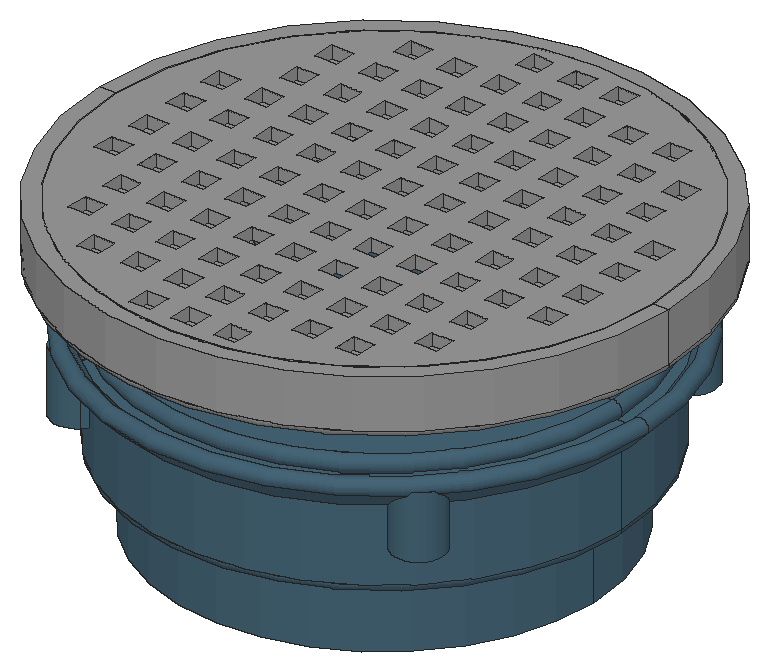
Revit family "Drain_Floor_Round-Zurn-Z415N", category Plumbing Fixtures, Revit 2022
Family settings
  Round Connector Dimension = Use Radius
  Part Type = Normal
  OmniClass Number = 23.70.50.21.24.14
  OmniClass Title = Deck Waste Water Drains
  Work Plane-Based = No
  Always vertical = Yes
  Cut with Voids When Loaded = No
  Maintain Annotation Orientation = No
  Shared = No
  Room Calculation Point = No
Parameters (values of type "Load Family Type Catalog")
  Waste Connection = 1 = 1  # yes
  WFU = 0  # constant formula
  Vent Connection = 1 = 0  # no
  URL = "www.zurn.com"
  Type Comments = "ZN415I with 9 Inch Strainer and 3 Inch IP Threaded Outlet"
  Strainer Top Size 9" = yes
  Strainer Top Size 7" = no
  Strainer Position (K') - Input [instance] = 1.000"
  Strainer Position (K') [instance] = if([Strainer Position (K') - Input] < Min. Strainer Position, Min. Strainer Position, if([Strainer Position (K') - Input] > Max. Strainer Position, Max. Strainer Position, [Strainer Position (K') - Input]))  # 1.688"
  Strainer Open Area = if([Strainer Diameter (B)] = 7.000", 12.000 in², if([Strainer Diameter (B)] = 9.000", 23.000 in², 23.000 in²))  # 23.000 in²
  Strainer Material = Bronze - Zurn - Polished Nickel
  Strainer Diameter (B) = 9.000"
  Product data url = "https://www.bimobject.com/en-us/zurnindustries/product/zurn-z415n"
  Product Page URL = "https://www.zurn.com/products/drainage-interceptors/floor-drains/finish-floor-drains/z415n"
  Product Installation Sheet URL = "https://files.zurn.com/care-cleaning-install-warranty-sheets/fd15-(1).pdf"
  Product Documentation Link = "https://files.zurn.com/spec-sheets/z415n.pdf"
  Pipe Size 'A' (Outer Radius) = [Pipe Size 'A' (Outer Diameter)] / 2  # 3.3125"
  Pipe Size 'A' (Outer Diameter) = 6.625"
  Pipe Size 'A' (Nominal Radius) = [Pipe Size 'A' (Nominal Diameter)] / 2  # 3.000"
  Pipe Size 'A' (Nominal Diameter) = 6.000"
  Pipe Size 'A' (Inner Radius) = [Pipe Size 'A' (Inner Diameter)] / 2  # 3.0325"
  Pipe Size 'A' (Inner Diameter) = 6.065"
  Modified Date = "12/05/2025"  # constant formula
  Model = "ZN415I"
  Min. Strainer Position [instance] = if([Strainer Diameter (B)] = 7.000", 1.527", if([Strainer Diameter (B)] = 9.000", 1.688", 1.688"))  # 1.688"
  Max. Strainer Position [instance] = if([Strainer Diameter (B)] = 7.000", 3.125", if([Strainer Diameter (B)] = 9.000", 3.375", 3.375"))  # 3.375"
  Material Main = Iron - Zurn - Cast - Painted - Blue
  Manufacurer Brand = "Zurn"  # constant formula
  Manufacturer = "Zurn Water, LLC"  # constant formula
  HWFU = 0  # constant formula
  HW Connection = 1 = 0  # no
  Grate Radius = ([Strainer Diameter (B)] - 0.600") / 2  # 4.200"
  Description = "BODY ASSEMBLY W/ “TYPE I” STRAINER"  # constant formula
  Default Elevation = 20.000"
  Date Created = "10/17/2017"  # constant formula
  CWFU = 0  # constant formula
  CW Connection = 1 = 0  # no
  Body radius OD = 4.175"
  Body Height (E) = 2.875"
  Assembly Code = "D2030300"
  Approx. Wt. Lbs. = if([Strainer Diameter (B)] = 7.000", 17.00 lbf, if(and([Strainer Diameter (B)] = 9.000", [Pipe Size 'A' (Nominal Diameter)] < 5.000"), 21.00 lbf, if(and([Strainer Diameter (B)] = 9.000", [Pipe Size 'A' (Nominal Diameter)] > 5.000"), 23.00 lbf, 14.00 lbf)))  # 23.00 lbf
Reference planes (in)
  plane 1 "Center (Front/Back)": y = 0
  plane 2: z = 0
  plane 3 "Center (Left/Right)": x = 0
  plane 4: z = -1.688
  plane 5: z = -4.563
  plane 6: z = -2.81383
  plane 7: z = -2.1757
  plane 8: x = -1
  plane 9: x = 1
  plane 10: z = -3.5005
  plane 11: x = 2.69
  plane 12: z = -1.83627
  plane 13: z = -3.36936
  plane 14: x = 4.5
  plane 15: x = -4.5
  plane 16: y = -4.5
  plane 17: y = 4.5
  plane 18: through (0, 0, 47.24409) normal (-0.7071, 0.7071, 0)
  plane 19: through (-0.26517, 0.26517, 47.24409) normal (-0.7071, 0.7071, 0)
  plane 20: through (0.26517, -0.26517, 47.24409) normal (-0.7071, 0.7071, 0)
  plane 21: through (0, 0, 47.24409) normal (0.7071, 0.7071, 0)
  plane 22: through (2.33063, 3.06176, 47.24409) normal (0.7071, 0.7071, 0)
  plane 23: through (-2.33063, 3.06176, 47.24409) normal (0.7071, -0.7071, 0)
  plane 24: through (2.33063, -3.06176, 47.24409) normal (-0.7071, 0.7071, 0)
  plane 25: through (-2.33063, -3.06176, 47.24409) normal (-0.7071, -0.7071, 0)
  plane 26: through (-2.33063, 3.06176, 47.24409) normal (0.7071, -0.7071, 0)
  plane 27: through (0.26517, 0.26517, 47.24409) normal (0.7071, 0.7071, 0)
  plane 28: through (-0.26517, -0.26517, 47.24409) normal (0.7071, 0.7071, 0)
  plane 29: z = -0.875
  plane 30: z = -0.188
  plane 31: x = 3
  plane 32: x = -3
  plane 33: y = -3
  plane 34: y = 3
Forms (in)
  Revolve 1, solid, material "Iron - Zurn - Cast - Painted - Blue" <- "Material Main", visible <- "Waste Connection", detail levels fine
    sketch origin (0, 0, 0) x (1, 0, 0) y (0, 0, 1)
      loop
        arc (-3.75, -3.3755) -> (-3.71339, -3.46389) -> (-3.625, -3.5005) r 0.125
        line (-3.625, -3.5005) -> (-3.4375, -3.5005)
        arc (-3.4375, -3.5005) -> (-3.34911, -3.53711) -> (-3.3125, -3.6255) r 0.125
        line (-3.3125, -3.6255) -> (-3.3125, -4.563) -> (-3.0325, -4.563) -> (-3.0325, -3.3755)
        arc (-3.0325, -3.3755) -> (-3.06911, -3.28711) -> (-3.1575, -3.2505) r 0.125
        line (-3.1575, -3.2505) -> (-3.425, -3.2505)
        arc (-3.425, -3.2505) -> (-3.51339, -3.21389) -> (-3.55, -3.1255) r 0.125
        line (-3.55, -3.1255) -> (-3.55, -1.83627) -> (-3.84822, -1.83627) -> (-3.96161, -1.72288)
        arc (-3.96161, -1.72288) -> (-4.13839, -1.72288) -> (-4.13839, -1.89965) r 0.125
        line (-4.13839, -1.89965) -> (-3.86235, -2.1757) -> (-3.75, -2.1757) -> (-3.75, -3.3755)
      axis (0, -1.72288) -> (0, -4.563)
    angle from 0 to 360
  Revolve 2, solid, material "Iron - Zurn - Cast - Painted - Blue" <- "Material Main", visible <- "Waste Connection", detail levels fine
    sketch origin (0, 0, 0) x (1, 0, 0) y (0, 0, 1)
      loop
        line (-3.62457, -1.83627) -> (-2.19378, -1.83627)
        arc (-2.19378, -1.83627) -> (-2.10268, -1.79977) -> (-2.06197, -1.71046) r 0.13195
        line (-2.06197, -1.71046) -> (-2.06197, -1.56127) -> (-1.91548, -1.56127) -> (-1.91548, -1.36127) -> (-2.13293, -1.36127)
        arc (-2.13293, -1.36127) -> (-2.15503, -1.37042) -> (-2.16418, -1.39252) r 0.03125
        line (-2.16418, -1.39252) -> (-2.16418, -1.46127)
        arc (-2.16418, -1.46127) -> (-2.20079, -1.54965) -> (-2.28918, -1.58627) r 0.125
        line (-2.28918, -1.58627) -> (-3.60452, -1.58627)
        arc (-3.60452, -1.58627) -> (-3.74997, -1.7004) -> (-3.62457, -1.83627) r 0.1258
      axis (0, -1.36127) -> (0, -1.83627)
    angle from 0 to 360
  Revolve 3, solid, material "Bronze - Zurn - Polished Nickel" <- "Strainer Material", detail levels fine
    sketch origin (0, 0, 0) x (1, 0, 0) y (0, 0, 1)
      loop
        line (-4.4, -0.875) -> (-2.01548, -0.875)
        arc (-2.01548, -0.875) -> (-1.94477, -0.90429) -> (-1.91548, -0.975) r 0.1
        line (-1.91548, -0.975) -> (-1.91548, -1.688) -> (-1.72798, -1.688) -> (-1.72798, -0.313)
        arc (-1.72798, -0.313) -> (-1.76459, -0.22461) -> (-1.85298, -0.188) r 0.125
        line (-1.85298, -0.188) -> (-4.25, -0.188) -> (-4.25, 0) -> (-4.5, 0) -> (-4.5, -0.775)
        arc (-4.5, -0.775) -> (-4.47071, -0.84571) -> (-4.4, -0.875) r 0.1
      axis (0, 0) -> (0, -1.688)
    angle from 0 to 360
  Extrusion 4, solid, material "Iron - Zurn - Cast - Painted - Blue" <- "Material Main", detail levels fine
    sketch origin (0, 0, 0) x (1, 0, 0) y (0, 1, 0)
      loop
        line (2.43103, 2.96136) -> (1.5026, 2.03293) -> (2.03293, 1.5026) -> (2.96136, 2.43103)
        arc (2.96136, 2.43103) -> (2.96136, 2.96136) -> (2.43103, 2.96136) r 0.375
      loop
        arc (-2.43103, 2.96136) -> (-2.96136, 2.96136) -> (-2.96136, 2.43103) r 0.375
        line (-2.96136, 2.43103) -> (-2.03293, 1.5026) -> (-1.5026, 2.03293) -> (-2.43103, 2.96136)
      loop
        arc (2.43103, -2.96136) -> (2.96136, -2.96136) -> (2.96136, -2.43103) r 0.375
        line (2.96136, -2.43103) -> (2.03293, -1.5026) -> (1.5026, -2.03293) -> (2.43103, -2.96136)
      loop
        line (-2.43103, -2.96136) -> (-1.5026, -2.03293) -> (-2.03293, -1.5026) -> (-2.96136, -2.43103)
        arc (-2.96136, -2.43103) -> (-2.96136, -2.96136) -> (-2.43103, -2.96136) r 0.375
    from -1.83627 to -2.81383
  Extrusion 5, solid, material "Bronze - Zurn - Polished Nickel" <- "Strainer Material", visible <- "Strainer Top Size 7"", detail levels fine
    sketch origin (8.85006, -6.96941, 0) x (1, 0, 0) y (0, 1, 0)
      loop
        circle (-8.85006, 6.96941) r 4.2
      loop
        line (-11.07211, 8.89059) -> (-11.07211, 8.54495) -> (-10.72647, 8.54495) -> (-10.72647, 8.89059) -> (-11.07211, 8.89059)
      loop
        line (-10.38082, 8.89059) -> (-10.38082, 8.54495) -> (-10.03517, 8.54495) -> (-10.03517, 8.89059) -> (-10.38082, 8.89059)
      loop
        line (-9.68952, 8.89059) -> (-9.68952, 8.54495) -> (-9.34388, 8.54495) -> (-9.34388, 8.89059) -> (-9.68952, 8.89059)
      loop
        line (-9.02288, 8.89059) -> (-9.02288, 8.54495) -> (-8.67724, 8.54495) -> (-8.67724, 8.89059) -> (-9.02288, 8.89059)
      loop
        line (-6.62801, 8.89059) -> (-6.97365, 8.89059) -> (-6.97365, 8.54495) -> (-6.62801, 8.54495) -> (-6.62801, 8.89059)
      loop
        line (-7.3193, 8.89059) -> (-7.66495, 8.89059) -> (-7.66495, 8.54495) -> (-7.3193, 8.54495) -> (-7.3193, 8.89059)
      loop
        line (-8.0106, 8.89059) -> (-8.35624, 8.89059) -> (-8.35624, 8.54495) -> (-8.0106, 8.54495) -> (-8.0106, 8.89059)
      loop
        line (-11.07211, 8.1993) -> (-11.07211, 7.85365) -> (-10.72647, 7.85365) -> (-10.72647, 8.1993) -> (-11.07211, 8.1993)
      loop
        line (-10.38082, 8.1993) -> (-10.38082, 7.85365) -> (-10.03517, 7.85365) -> (-10.03517, 8.1993) -> (-10.38082, 8.1993)
      loop
        line (-9.68952, 8.1993) -> (-9.68952, 7.85365) -> (-9.34388, 7.85365) -> (-9.34388, 8.1993) -> (-9.68952, 8.1993)
      loop
        line (-9.02288, 8.1993) -> (-9.02288, 7.85365) -> (-8.67724, 7.85365) -> (-8.67724, 8.1993) -> (-9.02288, 8.1993)
      loop
        line (-6.62801, 8.1993) -> (-6.97365, 8.1993) -> (-6.97365, 7.85365) -> (-6.62801, 7.85365) -> (-6.62801, 8.1993)
      loop
        line (-7.3193, 8.1993) -> (-7.66495, 8.1993) -> (-7.66495, 7.85365) -> (-7.3193, 7.85365) -> (-7.3193, 8.1993)
      loop
        line (-8.0106, 8.1993) -> (-8.35624, 8.1993) -> (-8.35624, 7.85365) -> (-8.0106, 7.85365) -> (-8.0106, 8.1993)
      loop
        line (-11.07211, 7.50801) -> (-11.07211, 7.16236) -> (-10.72647, 7.16236) -> (-10.72647, 7.50801) -> (-11.07211, 7.50801)
      loop
        line (-10.38082, 7.50801) -> (-10.38082, 7.16236) -> (-10.03517, 7.16236) -> (-10.03517, 7.50801) -> (-10.38082, 7.50801)
      loop
        line (-9.68952, 7.50801) -> (-9.68952, 7.16236) -> (-9.34388, 7.16236) -> (-9.34388, 7.50801) -> (-9.68952, 7.50801)
      loop
        line (-9.02288, 7.50801) -> (-9.02288, 7.16236) -> (-8.67724, 7.16236) -> (-8.67724, 7.50801) -> (-9.02288, 7.50801)
      loop
        line (-6.62801, 7.50801) -> (-6.97365, 7.50801) -> (-6.97365, 7.16236) -> (-6.62801, 7.16236) -> (-6.62801, 7.50801)
      loop
        line (-7.3193, 7.50801) -> (-7.66495, 7.50801) -> (-7.66495, 7.16236) -> (-7.3193, 7.16236) -> (-7.3193, 7.50801)
      loop
        line (-8.0106, 7.50801) -> (-8.35624, 7.50801) -> (-8.35624, 7.16236) -> (-8.0106, 7.16236) -> (-8.0106, 7.50801)
      loop
        line (-10.38082, 9.58189) -> (-10.38082, 9.23624) -> (-10.03517, 9.23624) -> (-10.03517, 9.58189) -> (-10.38082, 9.58189)
      loop
        line (-9.68952, 9.58189) -> (-9.68952, 9.23624) -> (-9.34388, 9.23624) -> (-9.34388, 9.58189) -> (-9.68952, 9.58189)
      loop
        line (-9.02288, 9.58189) -> (-9.02288, 9.23624) -> (-8.67724, 9.23624) -> (-8.67724, 9.58189) -> (-9.02288, 9.58189)
      loop
        line (-7.3193, 9.58189) -> (-7.66495, 9.58189) -> (-7.66495, 9.23624) -> (-7.3193, 9.23624) -> (-7.3193, 9.58189)
      loop
        line (-8.0106, 9.58189) -> (-8.35624, 9.58189) -> (-8.35624, 9.23624) -> (-8.0106, 9.23624) -> (-8.0106, 9.58189)
      loop
        line (-11.07211, 5.04823) -> (-10.72647, 5.04823) -> (-10.72647, 5.39387) -> (-11.07211, 5.39387) -> (-11.07211, 5.04823)
      loop
        line (-10.38082, 5.04823) -> (-10.03517, 5.04823) -> (-10.03517, 5.39387) -> (-10.38082, 5.39387) -> (-10.38082, 5.04823)
      loop
        line (-9.68952, 5.04823) -> (-9.34388, 5.04823) -> (-9.34388, 5.39387) -> (-9.68952, 5.39387) -> (-9.68952, 5.04823)
      loop
        line (-9.02288, 5.04823) -> (-8.67724, 5.04823) -> (-8.67724, 5.39387) -> (-9.02288, 5.39387) -> (-9.02288, 5.04823)
      loop
        line (-6.62801, 5.04823) -> (-6.62801, 5.39387) -> (-6.97365, 5.39387) -> (-6.97365, 5.04823) -> (-6.62801, 5.04823)
      loop
        line (-7.3193, 5.04823) -> (-7.3193, 5.39387) -> (-7.66495, 5.39387) -> (-7.66495, 5.04823) -> (-7.3193, 5.04823)
      loop
        line (-8.0106, 5.04823) -> (-8.0106, 5.39387) -> (-8.35624, 5.39387) -> (-8.35624, 5.04823) -> (-8.0106, 5.04823)
      loop
        line (-11.07211, 5.73952) -> (-10.72647, 5.73952) -> (-10.72647, 6.08517) -> (-11.07211, 6.08517) -> (-11.07211, 5.73952)
      loop
        line (-10.38082, 5.73952) -> (-10.03517, 5.73952) -> (-10.03517, 6.08517) -> (-10.38082, 6.08517) -> (-10.38082, 5.73952)
      loop
        line (-9.68952, 5.73952) -> (-9.34388, 5.73952) -> (-9.34388, 6.08517) -> (-9.68952, 6.08517) -> (-9.68952, 5.73952)
      loop
        line (-9.02288, 5.73952) -> (-8.67724, 5.73952) -> (-8.67724, 6.08517) -> (-9.02288, 6.08517) -> (-9.02288, 5.73952)
      loop
        line (-6.62801, 5.73952) -> (-6.62801, 6.08517) -> (-6.97365, 6.08517) -> (-6.97365, 5.73952) -> (-6.62801, 5.73952)
      loop
        line (-7.3193, 5.73952) -> (-7.3193, 6.08517) -> (-7.66495, 6.08517) -> (-7.66495, 5.73952) -> (-7.3193, 5.73952)
      loop
        line (-8.0106, 5.73952) -> (-8.0106, 6.08517) -> (-8.35624, 6.08517) -> (-8.35624, 5.73952) -> (-8.0106, 5.73952)
      loop
        line (-11.07211, 6.43081) -> (-10.72647, 6.43081) -> (-10.72647, 6.77646) -> (-11.07211, 6.77646) -> (-11.07211, 6.43081)
      loop
        line (-10.38082, 6.43081) -> (-10.03517, 6.43081) -> (-10.03517, 6.77646) -> (-10.38082, 6.77646) -> (-10.38082, 6.43081)
      loop
        line (-9.68952, 6.43081) -> (-9.34388, 6.43081) -> (-9.34388, 6.77646) -> (-9.68952, 6.77646) -> (-9.68952, 6.43081)
      loop
        line (-9.02288, 6.43081) -> (-8.67724, 6.43081) -> (-8.67724, 6.77646) -> (-9.02288, 6.77646) -> (-9.02288, 6.43081)
      loop
        line (-6.62801, 6.43081) -> (-6.62801, 6.77646) -> (-6.97365, 6.77646) -> (-6.97365, 6.43081) -> (-6.62801, 6.43081)
      loop
        line (-7.3193, 6.43081) -> (-7.3193, 6.77646) -> (-7.66495, 6.77646) -> (-7.66495, 6.43081) -> (-7.3193, 6.43081)
      loop
        line (-8.0106, 6.43081) -> (-8.0106, 6.77646) -> (-8.35624, 6.77646) -> (-8.35624, 6.43081) -> (-8.0106, 6.43081)
      loop
        line (-10.38082, 4.35693) -> (-10.03517, 4.35693) -> (-10.03517, 4.70258) -> (-10.38082, 4.70258) -> (-10.38082, 4.35693)
      loop
        line (-9.68952, 4.35693) -> (-9.34388, 4.35693) -> (-9.34388, 4.70258) -> (-9.68952, 4.70258) -> (-9.68952, 4.35693)
      loop
        line (-9.02288, 4.35693) -> (-8.67724, 4.35693) -> (-8.67724, 4.70258) -> (-9.02288, 4.70258) -> (-9.02288, 4.35693)
      loop
        line (-7.3193, 4.35693) -> (-7.3193, 4.70258) -> (-7.66495, 4.70258) -> (-7.66495, 4.35693) -> (-7.3193, 4.35693)
      loop
        line (-8.0106, 4.35693) -> (-8.0106, 4.70258) -> (-8.35624, 4.70258) -> (-8.35624, 4.35693) -> (-8.0106, 4.35693)
      loop
        line (-11.76341, 8.1993) -> (-11.76341, 7.85365) -> (-11.41776, 7.85365) -> (-11.41776, 8.1993) -> (-11.76341, 8.1993)
      loop
        line (-11.76341, 7.50801) -> (-11.76341, 7.16236) -> (-11.41776, 7.16236) -> (-11.41776, 7.50801) -> (-11.76341, 7.50801)
      loop
        line (-11.76341, 5.73952) -> (-11.41776, 5.73952) -> (-11.41776, 6.08517) -> (-11.76341, 6.08517) -> (-11.76341, 5.73952)
      loop
        line (-11.76341, 6.43081) -> (-11.41776, 6.43081) -> (-11.41776, 6.77646) -> (-11.76341, 6.77646) -> (-11.76341, 6.43081)
      loop
        line (-5.93671, 8.1993) -> (-6.28236, 8.1993) -> (-6.28236, 7.85365) -> (-5.93671, 7.85365) -> (-5.93671, 8.1993)
      loop
        line (-5.93671, 7.50801) -> (-6.28236, 7.50801) -> (-6.28236, 7.16236) -> (-5.93671, 7.16236) -> (-5.93671, 7.50801)
      loop
        line (-5.93671, 5.73952) -> (-5.93671, 6.08517) -> (-6.28236, 6.08517) -> (-6.28236, 5.73952) -> (-5.93671, 5.73952)
      loop
        line (-5.93671, 6.43081) -> (-5.93671, 6.77646) -> (-6.28236, 6.77646) -> (-6.28236, 6.43081) -> (-5.93671, 6.43081)
    from -0.188 to 0
  Extrusion 6, solid, material "Bronze - Zurn - Polished Nickel" <- "Strainer Material", visible <- "Strainer Top Size 9"", detail levels fine
    sketch origin (19.28863, -15.6981, 0) x (1, 0, 0) y (0, 1, 0)
      loop
        circle (-19.28863, 15.6981) r 4.25
      loop
        line (-21.51068, 17.61929) -> (-21.51068, 17.27364) -> (-21.16503, 17.27364) -> (-21.16503, 17.61929) -> (-21.51068, 17.61929)
      loop
        line (-20.81939, 17.61929) -> (-20.81939, 17.27364) -> (-20.47374, 17.27364) -> (-20.47374, 17.61929) -> (-20.81939, 17.61929)
      loop
        line (-20.12809, 17.61929) -> (-20.12809, 17.27364) -> (-19.78244, 17.27364) -> (-19.78244, 17.61929) -> (-20.12809, 17.61929)
      loop
        line (-19.46145, 17.61929) -> (-19.46145, 17.27364) -> (-19.1158, 17.27364) -> (-19.1158, 17.61929) -> (-19.46145, 17.61929)
      loop
        line (-21.51068, 16.92799) -> (-21.51068, 16.58234) -> (-21.16503, 16.58234) -> (-21.16503, 16.92799) -> (-21.51068, 16.92799)
      loop
        line (-20.81939, 16.92799) -> (-20.81939, 16.58234) -> (-20.47374, 16.58234) -> (-20.47374, 16.92799) -> (-20.81939, 16.92799)
      loop
        line (-20.12809, 16.92799) -> (-20.12809, 16.58234) -> (-19.78244, 16.58234) -> (-19.78244, 16.92799) -> (-20.12809, 16.92799)
      loop
        line (-19.46145, 16.92799) -> (-19.46145, 16.58234) -> (-19.1158, 16.58234) -> (-19.1158, 16.92799) -> (-19.46145, 16.92799)
      loop
        line (-21.51068, 16.2367) -> (-21.51068, 15.89105) -> (-21.16503, 15.89105) -> (-21.16503, 16.2367) -> (-21.51068, 16.2367)
      loop
        line (-20.81939, 16.2367) -> (-20.81939, 15.89105) -> (-20.47374, 15.89105) -> (-20.47374, 16.2367) -> (-20.81939, 16.2367)
      loop
        line (-20.12809, 16.2367) -> (-20.12809, 15.89105) -> (-19.78244, 15.89105) -> (-19.78244, 16.2367) -> (-20.12809, 16.2367)
      loop
        line (-19.46145, 16.2367) -> (-19.46145, 15.89105) -> (-19.1158, 15.89105) -> (-19.1158, 16.2367) -> (-19.46145, 16.2367)
      loop
        line (-20.81939, 18.31058) -> (-20.81939, 17.96493) -> (-20.47374, 17.96493) -> (-20.47374, 18.31058) -> (-20.81939, 18.31058)
      loop
        line (-20.12809, 18.31058) -> (-20.12809, 17.96493) -> (-19.78244, 17.96493) -> (-19.78244, 18.31058) -> (-20.12809, 18.31058)
      loop
        line (-19.46145, 18.31058) -> (-19.46145, 17.96493) -> (-19.1158, 17.96493) -> (-19.1158, 18.31058) -> (-19.46145, 18.31058)
      loop
        line (-22.20197, 16.92799) -> (-22.20197, 16.58234) -> (-21.85633, 16.58234) -> (-21.85633, 16.92799) -> (-22.20197, 16.92799)
      loop
        line (-22.20197, 16.2367) -> (-22.20197, 15.89105) -> (-21.85633, 15.89105) -> (-21.85633, 16.2367) -> (-22.20197, 16.2367)
      loop
        line (-21.51068, 18.31058) -> (-21.51068, 17.96493) -> (-21.16503, 17.96493) -> (-21.16503, 18.31058) -> (-21.51068, 18.31058)
      loop
        line (-22.20197, 17.61929) -> (-22.20197, 17.27364) -> (-21.85633, 17.27364) -> (-21.85633, 17.61929) -> (-22.20197, 17.61929)
      loop
        line (-22.89327, 16.92799) -> (-22.89327, 16.58234) -> (-22.54762, 16.58234) -> (-22.54762, 16.92799) -> (-22.89327, 16.92799)
      loop
        line (-22.89327, 16.2367) -> (-22.89327, 15.89105) -> (-22.54762, 15.89105) -> (-22.54762, 16.2367) -> (-22.89327, 16.2367)
      loop
        line (-22.20197, 18.31058) -> (-22.20197, 17.96493) -> (-21.85633, 17.96493) -> (-21.85633, 18.31058) -> (-22.20197, 18.31058)
      loop
        line (-20.81939, 19.00188) -> (-20.81939, 18.65623) -> (-20.47374, 18.65623) -> (-20.47374, 19.00188) -> (-20.81939, 19.00188)
      loop
        line (-20.12809, 19.00188) -> (-20.12809, 18.65623) -> (-19.78244, 18.65623) -> (-19.78244, 19.00188) -> (-20.12809, 19.00188)
      loop
        line (-19.46145, 19.00188) -> (-19.46145, 18.65623) -> (-19.1158, 18.65623) -> (-19.1158, 19.00188) -> (-19.46145, 19.00188)
      loop
        line (-21.51068, 19.00188) -> (-21.51068, 18.65623) -> (-21.16503, 18.65623) -> (-21.16503, 19.00188) -> (-21.51068, 19.00188)
      loop
        line (-20.12809, 19.69317) -> (-20.12809, 19.34752) -> (-19.78244, 19.34752) -> (-19.78244, 19.69317) -> (-20.12809, 19.69317)
      loop
        line (-19.46145, 19.69317) -> (-19.46145, 19.34752) -> (-19.1158, 19.34752) -> (-19.1158, 19.69317) -> (-19.46145, 19.69317)
      loop
        line (-17.06657, 17.61929) -> (-17.41222, 17.61929) -> (-17.41222, 17.27364) -> (-17.06657, 17.27364) -> (-17.06657, 17.61929)
      loop
        line (-17.75787, 17.61929) -> (-18.10352, 17.61929) -> (-18.10352, 17.27364) -> (-17.75787, 17.27364) -> (-17.75787, 17.61929)
      loop
        line (-18.44916, 17.61929) -> (-18.79481, 17.61929) -> (-18.79481, 17.27364) -> (-18.44916, 17.27364) -> (-18.44916, 17.61929)
      loop
        line (-17.06657, 16.92799) -> (-17.41222, 16.92799) -> (-17.41222, 16.58234) -> (-17.06657, 16.58234) -> (-17.06657, 16.92799)
      loop
        line (-17.75787, 16.92799) -> (-18.10352, 16.92799) -> (-18.10352, 16.58234) -> (-17.75787, 16.58234) -> (-17.75787, 16.92799)
      loop
        line (-18.44916, 16.92799) -> (-18.79481, 16.92799) -> (-18.79481, 16.58234) -> (-18.44916, 16.58234) -> (-18.44916, 16.92799)
      loop
        line (-17.06657, 16.2367) -> (-17.41222, 16.2367) -> (-17.41222, 15.89105) -> (-17.06657, 15.89105) -> (-17.06657, 16.2367)
      loop
        line (-17.75787, 16.2367) -> (-18.10352, 16.2367) -> (-18.10352, 15.89105) -> (-17.75787, 15.89105) -> (-17.75787, 16.2367)
      loop
        line (-18.44916, 16.2367) -> (-18.79481, 16.2367) -> (-18.79481, 15.89105) -> (-18.44916, 15.89105) -> (-18.44916, 16.2367)
      loop
        line (-17.75787, 18.31058) -> (-18.10352, 18.31058) -> (-18.10352, 17.96493) -> (-17.75787, 17.96493) -> (-17.75787, 18.31058)
      loop
        line (-18.44916, 18.31058) -> (-18.79481, 18.31058) -> (-18.79481, 17.96493) -> (-18.44916, 17.96493) -> (-18.44916, 18.31058)
      loop
        line (-16.37528, 16.92799) -> (-16.72093, 16.92799) -> (-16.72093, 16.58234) -> (-16.37528, 16.58234) -> (-16.37528, 16.92799)
      loop
        line (-16.37528, 16.2367) -> (-16.72093, 16.2367) -> (-16.72093, 15.89105) -> (-16.37528, 15.89105) -> (-16.37528, 16.2367)
      loop
        line (-17.06657, 18.31058) -> (-17.41222, 18.31058) -> (-17.41222, 17.96493) -> (-17.06657, 17.96493) -> (-17.06657, 18.31058)
      loop
        line (-16.37528, 17.61929) -> (-16.72093, 17.61929) -> (-16.72093, 17.27364) -> (-16.37528, 17.27364) -> (-16.37528, 17.61929)
      loop
        line (-15.68399, 16.92799) -> (-16.02963, 16.92799) -> (-16.02963, 16.58234) -> (-15.68399, 16.58234) -> (-15.68399, 16.92799)
      loop
        line (-15.68399, 16.2367) -> (-16.02963, 16.2367) -> (-16.02963, 15.89105) -> (-15.68399, 15.89105) -> (-15.68399, 16.2367)
      loop
        line (-16.37528, 18.31058) -> (-16.72093, 18.31058) -> (-16.72093, 17.96493) -> (-16.37528, 17.96493) -> (-16.37528, 18.31058)
      loop
        line (-17.75787, 19.00188) -> (-18.10352, 19.00188) -> (-18.10352, 18.65623) -> (-17.75787, 18.65623) -> (-17.75787, 19.00188)
      loop
        line (-18.44916, 19.00188) -> (-18.79481, 19.00188) -> (-18.79481, 18.65623) -> (-18.44916, 18.65623) -> (-18.44916, 19.00188)
      loop
        line (-17.06657, 19.00188) -> (-17.41222, 19.00188) -> (-17.41222, 18.65623) -> (-17.06657, 18.65623) -> (-17.06657, 19.00188)
      loop
        line (-18.44916, 19.69317) -> (-18.79481, 19.69317) -> (-18.79481, 19.34752) -> (-18.44916, 19.34752) -> (-18.44916, 19.69317)
      loop
        line (-21.51068, 13.77692) -> (-21.16503, 13.77692) -> (-21.16503, 14.12257) -> (-21.51068, 14.12257) -> (-21.51068, 13.77692)
      loop
        line (-20.81939, 13.77692) -> (-20.47374, 13.77692) -> (-20.47374, 14.12257) -> (-20.81939, 14.12257) -> (-20.81939, 13.77692)
      loop
        line (-20.12809, 13.77692) -> (-19.78244, 13.77692) -> (-19.78244, 14.12257) -> (-20.12809, 14.12257) -> (-20.12809, 13.77692)
      loop
        line (-19.46145, 13.77692) -> (-19.1158, 13.77692) -> (-19.1158, 14.12257) -> (-19.46145, 14.12257) -> (-19.46145, 13.77692)
      loop
        line (-21.51068, 14.46821) -> (-21.16503, 14.46821) -> (-21.16503, 14.81386) -> (-21.51068, 14.81386) -> (-21.51068, 14.46821)
      loop
        line (-20.81939, 14.46821) -> (-20.47374, 14.46821) -> (-20.47374, 14.81386) -> (-20.81939, 14.81386) -> (-20.81939, 14.46821)
      loop
        line (-20.12809, 14.46821) -> (-19.78244, 14.46821) -> (-19.78244, 14.81386) -> (-20.12809, 14.81386) -> (-20.12809, 14.46821)
      loop
        line (-19.46145, 14.46821) -> (-19.1158, 14.46821) -> (-19.1158, 14.81386) -> (-19.46145, 14.81386) -> (-19.46145, 14.46821)
      loop
        line (-21.51068, 15.15951) -> (-21.16503, 15.15951) -> (-21.16503, 15.50515) -> (-21.51068, 15.50515) -> (-21.51068, 15.15951)
      loop
        line (-20.81939, 15.15951) -> (-20.47374, 15.15951) -> (-20.47374, 15.50515) -> (-20.81939, 15.50515) -> (-20.81939, 15.15951)
      loop
        line (-20.12809, 15.15951) -> (-19.78244, 15.15951) -> (-19.78244, 15.50515) -> (-20.12809, 15.50515) -> (-20.12809, 15.15951)
      loop
        line (-19.46145, 15.15951) -> (-19.1158, 15.15951) -> (-19.1158, 15.50515) -> (-19.46145, 15.50515) -> (-19.46145, 15.15951)
      loop
        line (-20.81939, 13.08562) -> (-20.47374, 13.08562) -> (-20.47374, 13.43127) -> (-20.81939, 13.43127) -> (-20.81939, 13.08562)
      loop
        line (-20.12809, 13.08562) -> (-19.78244, 13.08562) -> (-19.78244, 13.43127) -> (-20.12809, 13.43127) -> (-20.12809, 13.08562)
      loop
        line (-19.46145, 13.08562) -> (-19.1158, 13.08562) -> (-19.1158, 13.43127) -> (-19.46145, 13.43127) -> (-19.46145, 13.08562)
      loop
        line (-22.20197, 14.46821) -> (-21.85633, 14.46821) -> (-21.85633, 14.81386) -> (-22.20197, 14.81386) -> (-22.20197, 14.46821)
      loop
        line (-22.20197, 15.15951) -> (-21.85633, 15.15951) -> (-21.85633, 15.50515) -> (-22.20197, 15.50515) -> (-22.20197, 15.15951)
      loop
        line (-21.51068, 13.08562) -> (-21.16503, 13.08562) -> (-21.16503, 13.43127) -> (-21.51068, 13.43127) -> (-21.51068, 13.08562)
      loop
        line (-22.20197, 13.77692) -> (-21.85633, 13.77692) -> (-21.85633, 14.12257) -> (-22.20197, 14.12257) -> (-22.20197, 13.77692)
      loop
        line (-22.89327, 14.46821) -> (-22.54762, 14.46821) -> (-22.54762, 14.81386) -> (-22.89327, 14.81386) -> (-22.89327, 14.46821)
      loop
        line (-22.89327, 15.15951) -> (-22.54762, 15.15951) -> (-22.54762, 15.50515) -> (-22.89327, 15.50515) -> (-22.89327, 15.15951)
      loop
        line (-22.20197, 13.08562) -> (-21.85633, 13.08562) -> (-21.85633, 13.43127) -> (-22.20197, 13.43127) -> (-22.20197, 13.08562)
      loop
        line (-20.81939, 12.39433) -> (-20.47374, 12.39433) -> (-20.47374, 12.73998) -> (-20.81939, 12.73998) -> (-20.81939, 12.39433)
      loop
        line (-20.12809, 12.39433) -> (-19.78244, 12.39433) -> (-19.78244, 12.73998) -> (-20.12809, 12.73998) -> (-20.12809, 12.39433)
      loop
        line (-19.46145, 12.39433) -> (-19.1158, 12.39433) -> (-19.1158, 12.73998) -> (-19.46145, 12.73998) -> (-19.46145, 12.39433)
      loop
        line (-21.51068, 12.39433) -> (-21.16503, 12.39433) -> (-21.16503, 12.73998) -> (-21.51068, 12.73998) -> (-21.51068, 12.39433)
      loop
        line (-20.12809, 11.70303) -> (-19.78244, 11.70303) -> (-19.78244, 12.04868) -> (-20.12809, 12.04868) -> (-20.12809, 11.70303)
      loop
        line (-19.46145, 11.70303) -> (-19.1158, 11.70303) -> (-19.1158, 12.04868) -> (-19.46145, 12.04868) -> (-19.46145, 11.70303)
      loop
        line (-17.06657, 13.77692) -> (-17.06657, 14.12257) -> (-17.41222, 14.12257) -> (-17.41222, 13.77692) -> (-17.06657, 13.77692)
      loop
        line (-17.75787, 13.77692) -> (-17.75787, 14.12257) -> (-18.10352, 14.12257) -> (-18.10352, 13.77692) -> (-17.75787, 13.77692)
      loop
        line (-18.44916, 13.77692) -> (-18.44916, 14.12257) -> (-18.79481, 14.12257) -> (-18.79481, 13.77692) -> (-18.44916, 13.77692)
      loop
        line (-17.06657, 14.46821) -> (-17.06657, 14.81386) -> (-17.41222, 14.81386) -> (-17.41222, 14.46821) -> (-17.06657, 14.46821)
      loop
        line (-17.75787, 14.46821) -> (-17.75787, 14.81386) -> (-18.10352, 14.81386) -> (-18.10352, 14.46821) -> (-17.75787, 14.46821)
      loop
        line (-18.44916, 14.46821) -> (-18.44916, 14.81386) -> (-18.79481, 14.81386) -> (-18.79481, 14.46821) -> (-18.44916, 14.46821)
      loop
        line (-17.06657, 15.15951) -> (-17.06657, 15.50515) -> (-17.41222, 15.50515) -> (-17.41222, 15.15951) -> (-17.06657, 15.15951)
      loop
        line (-17.75787, 15.15951) -> (-17.75787, 15.50515) -> (-18.10352, 15.50515) -> (-18.10352, 15.15951) -> (-17.75787, 15.15951)
      loop
        line (-18.44916, 15.15951) -> (-18.44916, 15.50515) -> (-18.79481, 15.50515) -> (-18.79481, 15.15951) -> (-18.44916, 15.15951)
      loop
        line (-17.75787, 13.08562) -> (-17.75787, 13.43127) -> (-18.10352, 13.43127) -> (-18.10352, 13.08562) -> (-17.75787, 13.08562)
      loop
        line (-18.44916, 13.08562) -> (-18.44916, 13.43127) -> (-18.79481, 13.43127) -> (-18.79481, 13.08562) -> (-18.44916, 13.08562)
      loop
        line (-16.37528, 14.46821) -> (-16.37528, 14.81386) -> (-16.72093, 14.81386) -> (-16.72093, 14.46821) -> (-16.37528, 14.46821)
      loop
        line (-16.37528, 15.15951) -> (-16.37528, 15.50515) -> (-16.72093, 15.50515) -> (-16.72093, 15.15951) -> (-16.37528, 15.15951)
      loop
        line (-17.06657, 13.08562) -> (-17.06657, 13.43127) -> (-17.41222, 13.43127) -> (-17.41222, 13.08562) -> (-17.06657, 13.08562)
      loop
        line (-16.37528, 13.77692) -> (-16.37528, 14.12257) -> (-16.72093, 14.12257) -> (-16.72093, 13.77692) -> (-16.37528, 13.77692)
      loop
        line (-15.68399, 14.46821) -> (-15.68399, 14.81386) -> (-16.02963, 14.81386) -> (-16.02963, 14.46821) -> (-15.68399, 14.46821)
      loop
        line (-15.68399, 15.15951) -> (-15.68399, 15.50515) -> (-16.02963, 15.50515) -> (-16.02963, 15.15951) -> (-15.68399, 15.15951)
      loop
        line (-16.37528, 13.08562) -> (-16.37528, 13.43127) -> (-16.72093, 13.43127) -> (-16.72093, 13.08562) -> (-16.37528, 13.08562)
      loop
        line (-17.75787, 12.39433) -> (-17.75787, 12.73998) -> (-18.10352, 12.73998) -> (-18.10352, 12.39433) -> (-17.75787, 12.39433)
      loop
        line (-18.44916, 12.39433) -> (-18.44916, 12.73998) -> (-18.79481, 12.73998) -> (-18.79481, 12.39433) -> (-18.44916, 12.39433)
      loop
        line (-17.06657, 12.39433) -> (-17.06657, 12.73998) -> (-17.41222, 12.73998) -> (-17.41222, 12.39433) -> (-17.06657, 12.39433)
      loop
        line (-18.44916, 11.70303) -> (-18.44916, 12.04868) -> (-18.79481, 12.04868) -> (-18.79481, 11.70303) -> (-18.44916, 11.70303)
    from -0.188 to 0
Lines and regions (in)
  Masking region 1, visible <- "Strainer Top Size 9"", detail levels fine
    outline origin (-53.22796, -60, -0.5) x (-1, 0, 0) y (0, -1, 0)
      loop
        circle (-53.22796, -60) r 4.5
  Masking region 2, visible <- "Strainer Top Size 7""
    outline origin (-53.22796, -60, -0.5) x (-1, 0, 0) y (0, -1, 0)
      loop
        circle (-53.22796, -60) r 4.175
  model lines, style "PlumbingFixtures", detail levels coarse+medium
    curve 1: line (0, 0, 0) -> (0, 0, -4.563)
  model lines, detail levels coarse+medium
    curve 2: line (-3, 0, -4.563) -> (3, 0, -4.563)
    curve 3: line (0, 3, -4.563) -> (0, -3, -4.563)
  model lines, style "GenericModel", detail levels coarse+medium
    curve 4: circle (0, 0, 0) r 4.5 normal (0, 0, 1)
Dimensions and locks (in)
  "Body Height (E)": plane 4 to plane 5
  "Strainer Position (K')": level to plane 4
  locked: plane 4 to plane 6 at 1.12583
  locked: plane 4 to plane 7 at 0.4877
  locked: Revolve 1 sketch curve to plane 10 at 0.25
  locked: plane 4 to plane 12 at 0.14827
  locked: plane 13 to plane 10 at 0.13114
  locked: Revolve 3 sketch curve to Revolve 3 sketch curve at 0.1875
  "Pipe Size 'A' (Inner Radius)": plane 3 "Center (Left/Right)" to Revolve 1 sketch curve
  "Pipe Size 'A' (Outer Radius)": plane 3 "Center (Left/Right)" to Revolve 1 sketch curve
  Revolve 2 sketch curve to Revolve 2 sketch curve = 0.24871"
  locked: Revolve 2 sketch curve to Revolve 2 sketch curve at 0.475
  locked: Revolve 2 sketch curve to Revolve 2 sketch curve at 0.2
  Revolve 2 sketch curve to plane 4 to Revolve 2 sketch curve = 0.10173" locked, 0.14827" locked
  locked: Revolve 2 sketch curve to Revolve 2 sketch curve at 0.03125
  locked: plane 3 "Center (Left/Right)" to Revolve 2 sketch curve at 3.62457
  locked: plane 3 "Center (Left/Right)" to Revolve 1 sketch curve at 3.55
  equal spacing: plane 15, plane 3 "Center (Left/Right)", plane 14
  "Strainer Diameter (B)": plane 15 to plane 14
  equal spacing: plane 16, plane 1 "Center (Front/Back)", plane 17
  "Strainer Diameter (B)": plane 16 to plane 17
  locked: Revolve 1 sketch curve to Revolve 1 sketch curve at 0.2
  locked: Revolve 1 sketch curve to Revolve 1 sketch curve at 0.025
  Revolve 1 sketch curve to Revolve 1 sketch curve = 0.500"
  locked: plane 4 to plane 10 at 1.8125
  locked: plane 21 to plane 22 at 3.813
  locked: plane 23 to plane 18 at 3.813
  locked: plane 25 to plane 21 at 3.813
  locked: plane 18 to plane 24 at 3.813
  locked: plane 21 to Extrusion 4 sketch curve at 2.5
  equal spacing: plane 19, plane 18, plane 20
  locked: plane 19 to plane 20 at 0.75
  equal spacing: plane 27, plane 21, plane 28
  locked: plane 27 to plane 28 at 0.75
  equal spacing: Extrusion 4 sketch curve, plane 3 "Center (Left/Right)", Extrusion 4 sketch curve
  locked: Extrusion 4 sketch curve to Extrusion 4 sketch curve at 5.3924  (x2)
  locked: Extrusion 4 sketch curve to plane 18 at 2.5
  Extrusion 4 sketch curve to Extrusion 4 sketch curve = 5.3924"
  locked: Extrusion 4 sketch curve to plane 21 at 2.5
  locked: plane 18 to Extrusion 4 sketch curve at 2.5
  locked: level to plane 29 at 0.875
  Revolve 3 sketch curve to plane 15 = 0.250"
  "Pipe Size 'A' (Nominal Radius)": plane 32 to plane 3 "Center (Left/Right)" to plane 31
  "Pipe Size 'A' (Nominal Radius)": plane 33 to plane 1 "Center (Front/Back)" to plane 34
  locked: level to plane 30 at 0.188
  radius of Revolve 1 sketch curve = 0.125"  (x4)
  radius of Extrusion 4 sketch curve = 0.375"  (x4)
  radius of Revolve 3 sketch curve = 0.100"  (x3)
  radius of Revolve 3 sketch curve = 0.125"
  "Grate Radius": radius of Extrusion 5 sketch curve
  locked: Extrusion 6 sketch curve to Extrusion 6 sketch curve (radius 4.250")
  "Strainer Diameter (B)": diameter of Masking region 1 sketch curve
  "Body radius OD": radius of Masking region 2 sketch curve
  locked: Revolve 1 sketch curve to Revolve 1 sketch curve (angle 45.00°)
  locked: plane 1 "Center (Front/Back)" to plane 18 (angle 45.00°)
  aligned and locked: level to plane 2
  aligned and locked: plane 10 to Revolve 1 sketch curve
  aligned and locked: Revolve 2 sketch curve to plane 3 "Center (Left/Right)"
  aligned and locked: Revolve 3 sketch curve to plane 3 "Center (Left/Right)"
  aligned and locked: Revolve 1 sketch curve to plane 5
  aligned and locked: plane 5 to curve 1
  aligned and locked: plane 3 "Center (Left/Right)" to curve 1
  aligned and locked: plane 1 "Center (Front/Back)" to curve 2
  aligned and locked: curve 3 to plane 3 "Center (Left/Right)"
  aligned and locked: Revolve 1 sketch curve to plane 3 "Center (Left/Right)"
  aligned and locked: Revolve 3 to curve 1
  aligned and locked: Revolve 1 sketch curve to plane 12
  aligned and locked: Revolve 3 sketch curve to plane 15
  aligned and locked: plane 19 to Extrusion 4 sketch curve  (x2)
  aligned and locked: Extrusion 4 sketch curve to plane 20  (x2)
  aligned and locked: plane 6 to Extrusion 4
  aligned and locked: plane 12 to Extrusion 4
  aligned and locked: Extrusion 4 sketch curve to plane 27  (x2)
  aligned and locked: plane 28 to Extrusion 4 sketch curve  (x2)
  aligned and locked: Revolve 3 sketch curve to plane 4
  aligned and locked: Revolve 3 sketch curve to plane 29
  aligned and locked: Revolve 3 sketch curve to plane 30
  aligned and locked: plane 3 "Center (Left/Right)" to Extrusion 5 sketch curve
  aligned and locked: plane 1 "Center (Front/Back)" to Extrusion 5 sketch curve
  aligned and locked: plane 1 "Center (Front/Back)" to Extrusion 6 sketch curve
  aligned and locked: Extrusion 5 to plane 30
  aligned and locked: Extrusion 6 to plane 30
  aligned and locked: plane 3 "Center (Left/Right)" to Extrusion 6 sketch curve
  aligned and locked: curve 4 to Revolve 3
  aligned and locked: plane 34 to curve 3
  aligned and locked: plane 33 to curve 3
  aligned and locked: plane 31 to curve 2
  aligned and locked: plane 32 to curve 2
  aligned and locked: level to Extrusion 6
  aligned and locked: level to Extrusion 5
  aligned and locked: plane 3 "Center (Left/Right)" to nested 1
  aligned and locked: plane 1 "Center (Front/Back)" to nested 1
  aligned and locked: plane 3 "Center (Left/Right)" to nested 2
  aligned and locked: plane 1 "Center (Front/Back)" to nested 2
  aligned and locked: nested 2 to level
  aligned and locked: nested 1 to level
  aligned and locked: plane 3 "Center (Left/Right)" to Masking region 1 sketch curve
  aligned and locked: plane 1 "Center (Front/Back)" to Masking region 1 sketch curve
  aligned and locked: plane 3 "Center (Left/Right)" to Masking region 2 sketch curve
  aligned and locked: plane 1 "Center (Front/Back)" to Masking region 2 sketch curve
Automatic sketch dimensions
  plane 25 to Extrusion 4 sketch curve = 0.000"
  Revolve 2 sketch curve to Revolve 2 sketch curve = 0.02005"
  Revolve 2 sketch curve to plane 4 = 0.01631"
  Revolve 2 sketch curve to Revolve 2 sketch curve = 0.0954"
  Revolve 2 sketch curve to Revolve 2 sketch curve = 0.125"
  Revolve 2 sketch curve to Revolve 2 sketch curve = 0.10221"
  plane 5 to Revolve 2 sketch curve = 0.00083"
  level to Revolve 2 sketch curve = 0.620"
  Revolve 3 sketch curve to level = 0.000"
  Revolve 3 sketch curve to level = 0.4266"
  level to Revolve 3 sketch curve = 4.6284"
  Extrusion 5 sketch curve to Extrusion 5 sketch curve = 0.000"  (x66)
  Extrusion 5 sketch curve to Extrusion 5 sketch curve = 0.34565"  (x152)
  Extrusion 5 sketch curve to Extrusion 5 sketch curve = 0.32099"  (x16)
  Extrusion 5 sketch curve to Extrusion 5 sketch curve = 0.17282"  (x2)
  Extrusion 5 sketch curve to Extrusion 5 sketch curve = 0.19295"  (x2)
  Extrusion 5 sketch curve to Extrusion 5 sketch curve = 0.3859"  (x2)
  Extrusion 6 sketch curve to plane 3 "Center (Left/Right)" = 0.17282"  (x12)
  Extrusion 6 sketch curve to Extrusion 6 sketch curve = 0.32099"  (x24)
  Extrusion 6 sketch curve to plane 8 = 0.16054"  (x12)
  plane 8 to Extrusion 6 sketch curve = 0.18511"  (x10)
  Extrusion 6 sketch curve to Extrusion 6 sketch curve = 0.34565"  (x210)
  Extrusion 6 sketch curve to Extrusion 6 sketch curve = 0.000"  (x60)
  plane 3 "Center (Left/Right)" to Extrusion 6 sketch curve = 0.17282"  (x12)
  plane 9 to Extrusion 6 sketch curve = 0.16054"  (x12)
  Extrusion 6 sketch curve to plane 9 = 0.18511"  (x10)
  plane 11 to Extrusion 6 sketch curve = 0.1223"  (x8)
  Extrusion 6 sketch curve to plane 11 = 0.22335"  (x8)
  plane 1 "Center (Front/Back)" to Extrusion 6 sketch curve = 0.19295"  (x11)
  Extrusion 6 sketch curve to plane 1 "Center (Front/Back)" = 0.19295"  (x11)
  plane 8 to Revolve 2 sketch curve = 1.28918"
  plane 8 to Revolve 3 sketch curve = 1.01548"
  Revolve 1 sketch curve to plane 7 = 0.000"
  Revolve 1 sketch curve to plane 4 = 0.03488"
  plane 13 to Revolve 1 sketch curve = 0.00614"
  Revolve 1 sketch curve to plane 5 = 8.84821"
  level to Revolve 1 sketch curve = 87.17776"
Nested families (in)
  nested 1: "Model Lines_Z415I" at (0, 0, 0), visible <- "Strainer Top Size 7"", type "7B", detail levels coarse+medium
    with Frame Adjustment Height 3.063", Enter Value-Frame Adjustment Height 0.000"
  nested 2: "Model Lines_Z415I" at (0, 0, 0), visible <- "Strainer Top Size 9"", type "9B", detail levels coarse+medium
    with Frame Adjustment Height 3.063", Enter Value-Frame Adjustment Height 0.000"
Connectors (in)
  piping at (0, 0, -4.563), diameter 6, driven by "Pipe Size 'A' (Nominal Radius)", driven by "Waste Connection", driven by "Waste Connection"
    settings: on Revolve 1, index 1, connector inside diameter 24", connector length 0.000", flow factor 0, pipe flow 0.0 L/s, pressure drop 0.0 Pa, fitting loss kfactor 0, connector angle 0.00°, fixture units 0, engagement length 0.000", angle of deflection 0.00°, flow configuration 0, flow direction 2, fitting loss method 0, system type 16, joint type 0, gender type 0, connector reference index -1, connector utility 1, adjustable connector yes, is connector primary yes, connector description "Sanitary Outlet"
Definition of nested family "Model Lines_Z415I"
  Parameters (values of type "9B")
    Waste Connection = 1 = 1  # yes
    WFU = 1  # constant formula
    Vent Connection = 1 = 0  # no
    URL = "www.zurn.com"
    Grate Dia = Strainer Dia - 0.500"  # 8.500"
    Strainer Dia = 9.000"
    Product data url = ""
    Product Page URL = ""
    Product Installation Sheet URL = ""
    Product Documentation Link = ""
    Pipe Size_A Outer Diameter = 0.000"
    Pipe Size_A Nominal Diameter = 0.000"
    Pipe Size_A Inside Diameter = 0.000"
    Modified Date = ""
    Manufacurer Brand = "Zurn"  # constant formula
    Manufacturer = "Zurn Water, LLC"  # constant formula
    Main Material = none
    HWFU = 0  # constant formula
    HW Connection = 1 = 0  # no
    Grate Open Area = 0.000"
    Frame Adjustment Height [instance] = if([Enter Value-Frame Adjustment Height] < 3.063", 3.063", if([Enter Value-Frame Adjustment Height] > 5.000", 5.000", [Enter Value-Frame Adjustment Height]))  # 3.063"
    Enter Value-Frame Adjustment Height [instance] = 0.000"
    Default Elevation = 20.000"  # constant formula
    Date Created = ""
    Connector Radius = Pipe Size_A Nominal Diameter / 2  # 0.000"
    CWFU = 0  # constant formula
    CW Connection = 1 = 0  # no
    Body Height_E = 0.000"
    Assembly Code = ""
    Approx. Weight (Lbs) = 0.000"
  Types (3): name | Grate Dia | Strainer Dia
    (no name) | 8.500" | 9.000"
    7B | 6.500" | 7.000"
    9B | 8.500" | 9.000"
  Reference planes (in)
    plane 1 "Center (Front/Back)": y = 0
    plane 2: z = 0
    plane 3 "Center (Left/Right)": x = 0
    plane 4: x = 4.5
    plane 5: x = -4.5
    plane 6: y = 4.5
    plane 7: y = -4.5
  Lines and regions (in)
    model lines
      curve 1: circle (0, 0, 0) r 4.25 normal (0, 0, 1)
      curve 2: line (-3.5, 2.41091, 0) -> (-3.5, -2.41091, 0)
      curve 3: line (-2.5, 3.43693, 0) -> (-2.5, -3.43693, 0)
      curve 4: line (-1.5, 3.97649, 0) -> (-1.5, -3.97649, 0)
      curve 5: line (-0.5, 4.22049, 0) -> (-0.5, -4.22049, 0)
      curve 6: line (0.5, 4.22049, 0) -> (0.5, -4.22049, 0)
      curve 7: line (1.5, 3.97649, 0) -> (1.5, -3.97649, 0)
      curve 8: line (2.5, 3.43693, 0) -> (2.5, -3.43693, 0)
      curve 9: line (3.5, 2.41091, 0) -> (3.5, -2.41091, 0)
      curve 10: line (-2.41091, 3.5, 0) -> (2.41091, 3.5, 0)
      curve 11: line (-3.43693, 2.5, 0) -> (3.43693, 2.5, 0)
      curve 12: line (-3.97649, 1.5, 0) -> (3.97649, 1.5, 0)
      curve 13: line (-4.22049, 0.5, 0) -> (4.22049, 0.5, 0)
      curve 14: line (-4.22049, -0.5, 0) -> (4.22049, -0.5, 0)
      curve 15: line (-3.97649, -1.5, 0) -> (3.97649, -1.5, 0)
      curve 16: line (-3.43693, -2.5, 0) -> (3.43693, -2.5, 0)
      curve 17: line (-2.41091, -3.5, 0) -> (2.41091, -3.5, 0)
  Dimensions and locks (in)
    equal spacing: plane 5, plane 3 "Center (Left/Right)", plane 4
    "Strainer Dia": plane 5 to plane 4
    equal spacing: plane 5, curve 2, curve 3, curve 4, curve 5, curve 6, curve 7, curve 8, curve 9, plane 4
    equal spacing: plane 7, plane 1 "Center (Front/Back)", plane 6
    "Strainer Dia": plane 7 to plane 6
    equal spacing: plane 7, curve 17, curve 16, curve 15, curve 14, curve 13, curve 12, curve 11, curve 10, plane 6
    "Grate Dia": diameter of curve 1
    aligned and locked: plane 2 to level
    aligned and locked: plane 3 "Center (Left/Right)" to curve 1
    aligned and locked: plane 1 "Center (Front/Back)" to curve 1
Types in the file's own list only (57): name | Type Comments | Strainer Top Size 9" | Strainer Top Size 7" | Strainer Open Area | Strainer Material | Strainer Diameter (B) | Pipe Size 'A' (Outer Radius) | Pipe Size 'A' (Outer Diameter) | Pipe Size 'A' (Nominal Radius) | Pipe Size 'A' (Nominal Diameter) | Pipe Size 'A' (Inner Radius) | Pipe Size 'A' (Inner Diameter) | Model | Grate Radius | Default Elevation | Body radius OD | Body Height (E) | Approx. Wt. Lbs.
  Z415N-2IP-7B | "Z415N with 7 Inch Strainer and 2 Inch IP Threaded Outlet" | No | Yes | 12.000 in² | Iron - Zurn - Cast - Painted - Blue | 7.000 " | 1.188 " | 2.375 " | 1.000 " | 2.000 " | 1.034 " | 2.067 " | "Z415N" | 3.200 " | 20.000 " | 4.175 " | 2.438 " | 17.00 lb
  Z415N-2IP-9B | "Z415N with 9 Inch Strainer and 2 Inch IP Threaded Outlet" | Yes | No | 23.000 in² | Iron - Zurn - Cast - Painted - Blue | 9.000 " | 1.188 " | 2.375 " | 1.000 " | 2.000 " | 1.034 " | 2.067 " | "Z415N" | 4.200 " | 20.000 " | 4.175 " | 2.438 " | 21.00 lb
  Z415N-2NH-7B | "Z415N with 7 Inch Strainer and 2 Inch No-Hub Outlet" | No | Yes | 12.000 in² | Iron - Zurn - Cast - Painted - Blue | 7.000 " | 1.188 " | 2.375 " | 1.000 " | 2.000 " | 1.034 " | 2.067 " | "Z415N" | 3.200 " | 20.000 " | 4.175 " | 3.183 " | 17.00 lb
  Z415N-2NH-9B | "Z415N with 9 Inch Strainer and 2 Inch No-Hub Outlet" | Yes | No | 23.000 in² | Iron - Zurn - Cast - Painted - Blue | 9.000 " | 1.188 " | 2.375 " | 1.000 " | 2.000 " | 1.034 " | 2.067 " | "Z415N" | 4.200 " | 20.000 " | 4.175 " | 3.183 " | 21.00 lb
  Z415N-2NL-7B | "Z415N with 7 Inch Strainer and 2 Inch Neo-Lock Outlet" | No | Yes | 12.000 in² | Iron - Zurn - Cast - Painted - Blue | 7.000 " | 1.188 " | 2.375 " | 1.000 " | 2.000 " | 1.034 " | 2.067 " | "Z415N" | 3.200 " | 20.000 " | 4.175 " | 3.875 " | 17.00 lb
  Z415N-2NL-9B | "Z415N with 9 Inch Strainer and 2 Inch Neo-Lock Outlet" | Yes | No | 23.000 in² | Iron - Zurn - Cast - Painted - Blue | 9.000 " | 1.188 " | 2.375 " | 1.000 " | 2.000 " | 1.034 " | 2.067 " | "Z415N" | 4.200 " | 20.000 " | 4.175 " | 3.875 " | 21.00 lb
  Z415N-3IP-7B | "Z415N with 7 Inch Strainer and 3 Inch IP Threaded Outlet" | No | Yes | 12.000 in² | Iron - Zurn - Cast - Painted - Blue | 7.000 " | 1.750 " | 3.500 " | 1.500 " | 3.000 " | 1.513 " | 3.026 " | "Z415N" | 3.200 " | 20.000 " | 4.175 " | 2.750 " | 17.00 lb
  Z415N-3IP-9B | "Z415N with 9 Inch Strainer and 3 Inch IP Threaded Outlet" | Yes | No | 23.000 in² | Iron - Zurn - Cast - Painted - Blue | 9.000 " | 1.750 " | 3.500 " | 1.500 " | 3.000 " | 1.513 " | 3.026 " | "Z415N" | 4.200 " | 20.000 " | 4.175 " | 2.750 " | 21.00 lb
  Z415N-3NH-7B | "Z415N with 7 Inch Strainer and 3 Inch No-Hub Outlet" | No | Yes | 12.000 in² | Iron - Zurn - Cast - Painted - Blue | 7.000 " | 1.750 " | 3.500 " | 1.500 " | 3.000 " | 1.513 " | 3.026 " | "Z415N" | 3.200 " | 20.000 " | 4.175 " | 3.183 " | 17.00 lb
  Z415N-3NH-9B | "Z415N with 9 Inch Strainer and 3 Inch No-Hub Outlet" | Yes | No | 23.000 in² | Iron - Zurn - Cast - Painted - Blue | 9.000 " | 1.750 " | 3.500 " | 1.500 " | 3.000 " | 1.513 " | 3.026 " | "Z415N" | 4.200 " | 20.000 " | 4.175 " | 3.183 " | 21.00 lb
  Z415N-3NL-7B | "Z415N with 7 Inch Strainer and 3 Inch Neo-Lock Outlet" | No | Yes | 12.000 in² | Iron - Zurn - Cast - Painted - Blue | 7.000 " | 1.750 " | 3.500 " | 1.500 " | 3.000 " | 1.513 " | 3.026 " | "Z415N" | 3.200 " | 20.000 " | 4.175 " | 3.875 " | 17.00 lb
  Z415N-3NL-9B | "Z415N with 9 Inch Strainer and 3 Inch Neo-Lock Outlet" | Yes | No | 23.000 in² | Iron - Zurn - Cast - Painted - Blue | 9.000 " | 1.750 " | 3.500 " | 1.500 " | 3.000 " | 1.513 " | 3.026 " | "Z415N" | 4.200 " | 20.000 " | 4.175 " | 3.875 " | 21.00 lb
  Z415N-4IP-7B | "Z415N with 7 Inch Strainer and 4 Inch IP Threaded Outlet" | No | Yes | 12.000 in² | Iron - Zurn - Cast - Painted - Blue | 7.000 " | 2.250 " | 4.500 " | 2.000 " | 4.000 " | 2.014 " | 4.028 " | "Z415N" | 3.200 " | 20.000 " | 4.175 " | 2.813 " | 17.00 lb
  Z415N-4IP-9B | "Z415N with 9 Inch Strainer and 4 Inch IP Threaded Outlet" | Yes | No | 23.000 in² | Iron - Zurn - Cast - Painted - Blue | 9.000 " | 2.250 " | 4.500 " | 2.000 " | 4.000 " | 2.014 " | 4.028 " | "Z415N" | 4.200 " | 20.000 " | 4.175 " | 2.813 " | 21.00 lb
  Z415N-4NH-7B | "Z415N with 7 Inch Strainer and 4 Inch No-Hub Outlet" | No | Yes | 12.000 in² | Iron - Zurn - Cast - Painted - Blue | 7.000 " | 2.250 " | 4.500 " | 2.000 " | 4.000 " | 2.014 " | 4.028 " | "Z415N" | 3.200 " | 20.000 " | 4.175 " | 3.183 " | 17.00 lb
  Z415N-4NH-9B | "Z415N with 9 Inch Strainer and 4 Inch No-Hub Outlet" | Yes | No | 23.000 in² | Iron - Zurn - Cast - Painted - Blue | 9.000 " | 2.250 " | 4.500 " | 2.000 " | 4.000 " | 2.014 " | 4.028 " | "Z415N" | 4.200 " | 20.000 " | 4.175 " | 3.183 " | 21.00 lb
  Z415N-4NL-7B | "Z415N with 7 Inch Strainer and 4 Inch Neo-Lock Outlet" | No | Yes | 12.000 in² | Iron - Zurn - Cast - Painted - Blue | 7.000 " | 2.250 " | 4.500 " | 2.000 " | 4.000 " | 2.014 " | 4.028 " | "Z415N" | 3.200 " | 20.000 " | 4.175 " | 3.875 " | 17.00 lb
  Z415N-4NL-9B | "Z415N with 9 Inch Strainer and 4 Inch Neo-Lock Outlet" | Yes | No | 23.000 in² | Iron - Zurn - Cast - Painted - Blue | 9.000 " | 2.250 " | 4.500 " | 2.000 " | 4.000 " | 2.014 " | 4.028 " | "Z415N" | 4.200 " | 20.000 " | 4.175 " | 3.875 " | 21.00 lb
  Z415N-6IP-9B | "Z415N with 9 Inch Strainer and 6 Inch IP Threaded Outlet" | Yes | No | 23.000 in² | Iron - Zurn - Cast - Painted - Blue | 9.000 " | 3.313 " | 6.625 " | 3.000 " | 6.000 " | 3.033 " | 6.065 " | "Z415N" | 4.200 " | 20.000 " | 4.175 " | 2.875 " | 23.00 lb
  ZB415N-2IP-7B | "ZB415N with 7 Inch Strainer and 2 Inch IP Threaded Outlet" | No | Yes | 12.000 in² | Bronze - Zurn - Polished | 7.000 " | 1.188 " | 2.375 " | 1.000 " | 2.000 " | 1.034 " | 2.067 " | "ZB415N" | 3.200 " | 20.000 " | 4.175 " | 2.438 " | 17.00 lb
  ZB415N-2IP-9B | "ZB415N with 9 Inch Strainer and 2 Inch IP Threaded Outlet" | Yes | No | 23.000 in² | Bronze - Zurn - Polished | 9.000 " | 1.188 " | 2.375 " | 1.000 " | 2.000 " | 1.034 " | 2.067 " | "ZB415N" | 4.200 " | 20.000 " | 4.175 " | 2.438 " | 21.00 lb
  ZB415N-2NH-7B | "ZB415N with 7 Inch Strainer and 2 Inch No-Hub Outlet" | No | Yes | 12.000 in² | Bronze - Zurn - Polished | 7.000 " | 1.188 " | 2.375 " | 1.000 " | 2.000 " | 1.034 " | 2.067 " | "ZB415N" | 3.200 " | 20.000 " | 4.175 " | 3.183 " | 17.00 lb
  ZB415N-2NH-9B | "ZB415N with 9 Inch Strainer and 2 Inch No-Hub Outlet" | Yes | No | 23.000 in² | Bronze - Zurn - Polished | 9.000 " | 1.188 " | 2.375 " | 1.000 " | 2.000 " | 1.034 " | 2.067 " | "ZB415N" | 4.200 " | 20.000 " | 4.175 " | 3.183 " | 21.00 lb
  ZB415N-2NL-7B | "ZB415N with 7 Inch Strainer and 2 Inch Neo-Lock Outlet" | No | Yes | 12.000 in² | Bronze - Zurn - Polished | 7.000 " | 1.188 " | 2.375 " | 1.000 " | 2.000 " | 1.034 " | 2.067 " | "ZB415N" | 3.200 " | 20.000 " | 4.175 " | 3.875 " | 17.00 lb
  ZB415N-2NL-9B | "ZB415N with 9 Inch Strainer and 2 Inch Neo-Lock Outlet" | Yes | No | 23.000 in² | Bronze - Zurn - Polished | 9.000 " | 1.188 " | 2.375 " | 1.000 " | 2.000 " | 1.034 " | 2.067 " | "ZB415N" | 4.200 " | 20.000 " | 4.175 " | 3.875 " | 21.00 lb
  ZB415N-3IP-7B | "ZB415N with 7 Inch Strainer and 3 Inch IP Threaded Outlet" | No | Yes | 12.000 in² | Bronze - Zurn - Polished | 7.000 " | 1.750 " | 3.500 " | 1.500 " | 3.000 " | 1.513 " | 3.026 " | "ZB415N" | 3.200 " | 20.000 " | 4.175 " | 2.750 " | 17.00 lb
  ZB415N-3IP-9B | "ZB415N with 9 Inch Strainer and 3 Inch IP Threaded Outlet" | Yes | No | 23.000 in² | Bronze - Zurn - Polished | 9.000 " | 1.750 " | 3.500 " | 1.500 " | 3.000 " | 1.513 " | 3.026 " | "ZB415N" | 4.200 " | 20.000 " | 4.175 " | 2.750 " | 21.00 lb
  ZB415N-3NH-7B | "ZB415N with 7 Inch Strainer and 3 Inch No-Hub Outlet" | No | Yes | 12.000 in² | Bronze - Zurn - Polished | 7.000 " | 1.750 " | 3.500 " | 1.500 " | 3.000 " | 1.513 " | 3.026 " | "ZB415N" | 3.200 " | 20.000 " | 4.175 " | 3.183 " | 17.00 lb
  ZB415N-3NH-9B | "ZB415N with 9 Inch Strainer and 3 Inch No-Hub Outlet" | Yes | No | 23.000 in² | Bronze - Zurn - Polished | 9.000 " | 1.750 " | 3.500 " | 1.500 " | 3.000 " | 1.513 " | 3.026 " | "ZB415N" | 4.200 " | 20.000 " | 4.175 " | 3.183 " | 21.00 lb
  ZB415N-3NL-7B | "ZB415N with 7 Inch Strainer and 3 Inch Neo-Lock Outlet" | No | Yes | 12.000 in² | Bronze - Zurn - Polished | 7.000 " | 1.750 " | 3.500 " | 1.500 " | 3.000 " | 1.513 " | 3.026 " | "ZB415N" | 3.200 " | 20.000 " | 4.175 " | 3.875 " | 17.00 lb
  ZB415N-3NL-9B | "ZB415N with 9 Inch Strainer and 3 Inch Neo-Lock Outlet" | Yes | No | 23.000 in² | Bronze - Zurn - Polished | 9.000 " | 1.750 " | 3.500 " | 1.500 " | 3.000 " | 1.513 " | 3.026 " | "ZB415N" | 4.200 " | 20.000 " | 4.175 " | 3.875 " | 21.00 lb
  ZB415N-4IP-7B | "ZB415N with 7 Inch Strainer and 4 Inch IP Threaded Outlet" | No | Yes | 12.000 in² | Bronze - Zurn - Polished | 7.000 " | 2.250 " | 4.500 " | 2.000 " | 4.000 " | 2.014 " | 4.028 " | "ZB415N" | 3.200 " | 20.000 " | 4.175 " | 2.813 " | 17.00 lb
  ZB415N-4IP-9B | "ZB415N with 9 Inch Strainer and 4 Inch IP Threaded Outlet" | Yes | No | 23.000 in² | Bronze - Zurn - Polished | 9.000 " | 2.250 " | 4.500 " | 2.000 " | 4.000 " | 2.014 " | 4.028 " | "ZB415N" | 4.200 " | 20.000 " | 4.175 " | 2.813 " | 21.00 lb
  ZB415N-4NH-7B | "ZB415N with 7 Inch Strainer and 4 Inch No-Hub Outlet" | No | Yes | 12.000 in² | Bronze - Zurn - Polished | 7.000 " | 2.250 " | 4.500 " | 2.000 " | 4.000 " | 2.014 " | 4.028 " | "ZB415N" | 3.200 " | 20.000 " | 4.175 " | 3.183 " | 17.00 lb
  ZB415N-4NH-9B | "ZB415N with 9 Inch Strainer and 4 Inch No-Hub Outlet" | Yes | No | 23.000 in² | Bronze - Zurn - Polished | 9.000 " | 2.250 " | 4.500 " | 2.000 " | 4.000 " | 2.014 " | 4.028 " | "ZB415N" | 4.200 " | 20.000 " | 4.175 " | 3.183 " | 21.00 lb
  ZB415N-4NL-7B | "ZB415N with 7 Inch Strainer and 4 Inch Neo-Lock Outlet" | No | Yes | 12.000 in² | Bronze - Zurn - Polished | 7.000 " | 2.250 " | 4.500 " | 2.000 " | 4.000 " | 2.014 " | 4.028 " | "ZB415N" | 3.200 " | 20.000 " | 4.175 " | 3.875 " | 17.00 lb
  ZB415N-4NL-9B | "ZB415N with 9 Inch Strainer and 4 Inch Neo-Lock Outlet" | Yes | No | 23.000 in² | Bronze - Zurn - Polished | 9.000 " | 2.250 " | 4.500 " | 2.000 " | 4.000 " | 2.014 " | 4.028 " | "ZB415N" | 4.200 " | 20.000 " | 4.175 " | 3.875 " | 21.00 lb
